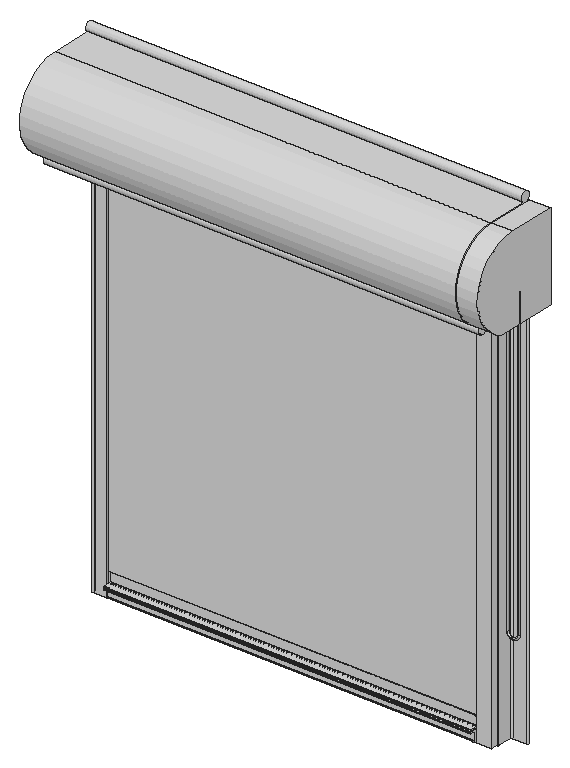
Revit family
Parameters (values of type "Hand-Chain Operated, Aluminium (Anodized Finish)")
  Spec Wizard = "http://www.clopaydoor.com/Quick-Specs-Wizard.aspx"
  Sizing Disclaimer = "30’ wide, 30’ high standard construction. Large Openings to 50’ wide, 40’ high consult factory. "  # constant formula
  Wall Construction = "Masonry, Steel or Wood"  # constant formula
  Sales Information = "http://www.clopaydoor.com/where-to-buy.aspx?type=dealer&stype=commercial"
  Product Features and Benefits = "http://www.clopaydoor.com/sliding-applications.aspx"
  Mounting = "Face of Wall"  # constant formula
  Motor = no
  Manufacturer Website = "http://www.clopaydoor.com"
  Manufacturer Address = "1400 W. Market St., Troy, OH 45373"  # constant formula
  Manfuacturer Phone Number = "1-800-526-4301"  # constant formula
  Function = (empty or 0)
  File Revision = "00 (Feb, 2011)"  # constant formula
  Curtain 2 5/8" Slat = Aluminum, anodized finish (curtain only)
  Chain = yes
  CAD and Specifications = "http://www.clopaydoor.com/sliding-specs.aspx"
  Bottom Bar = Aluminum, anodized finish (non-curtain components)
  Guides = Aluminum, anodized finish (non-curtain components)
  Hood = Aluminum, anodized finish (non-curtain components)
  URL = "http://www.clopaydoor.com"
  Subcategory = "Roll Up"  # constant formula
  Optional aluminum, color anodized finish = no
  Optional Powder Coated Finish, standard RAL colors, Galv. Steel and Aluminum only = no
  Operator Height = Height / 1.5  # 5' - 4"
  Operator = Operator : Hand-Chain
  Operation = ""
  From Coil Side Operate on Right = yes
  Model = "CESD10 "  # constant formula
  Manufacturer = "Clopay Building Products Company"  # constant formula
  From Coil Side Operate on Left = not(From Coil Side Operate on Right)  # no
  Height = 8' - 0"
  Wall Closure = (empty or 0)
  Width = 6' - 0"
  Guide Height = Height - 1' 5 45/128"  # 6' - 6 83/128"
  Windload = "A full range of specific wind load requirements available- Consult Clopay. "  # constant formula
  Coil Dimension Note = "14” to 22” -  Consult Clopay when dimensions are critical."  # constant formula
  Jamb Dimension Note = "2 3/8” to  9 3/4” wide. Consult Clopay when dimensions are critical."  # constant formula
  Drip Extension = 0' - 3"
  Description = "Built to order metal slatted rolling doors provide security against entry and/or weather protection"  # constant formula
  Assembly Code = "B2030410"
  95 CSI = "08330"  # constant formula
  04 CSI = "08 33 00"  # constant formula
Types (12): name | Motor | Curtain 2 5/8" Slat | Chain | Bottom Bar | Guides | Hood | Operator
  Hand-Chain Operated, Aluminium (Anodized Finish) | no | Aluminum, anodized finish (curtain only) | yes | Aluminum, anodized finish (non-curtain components) | Aluminum, anodized finish (non-curtain components) | Aluminum, anodized finish (non-curtain components) | Operator : Hand-Chain
  Hand-Chain Operated, Aluminium (Mill Finish) | no | Aluminum, mill finish (curtain only) | yes | Aluminum, mill finish (non-curtain components) | Aluminum, mill finish (non-curtain components) | Aluminum, mill finish (non-curtain components) | Operator : Hand-Chain
  Hand-Chain Operated, Galvanized Steel | no | Galvanized steel (curtain only) | yes | Galvanized or powder coated plain steel (non curtain components) | Galvanized or powder coated plain steel (non curtain components) | Galvanized or powder coated plain steel (non curtain components) | Operator : Hand-Chain
  Hand-Chain Operated, Stainless Steel | no | Stainless steel (curtain only) | yes | Stainless steel (non-curtain components) | Stainless steel (non-curtain components) | Stainless steel (non-curtain components) | Operator : Hand-Chain
  Motor Operated, Aluminium (Anodized Finish) | yes | Aluminum, anodized finish (curtain only) | no | Aluminum, anodized finish (non-curtain components) | Aluminum, anodized finish (non-curtain components) | Aluminum, anodized finish (non-curtain components) | Operator : Motor Operator
  Motor Operated, Aluminium (Mill Finish) | yes | Aluminum, mill finish (curtain only) | no | Aluminum, mill finish (non-curtain components) | Aluminum, mill finish (non-curtain components) | Aluminum, mill finish (non-curtain components) | Operator : Motor Operator
  Motor Operated, Galvanized Steel | yes | Galvanized steel (curtain only) | no | Galvanized or powder coated plain steel (non curtain components) | Galvanized or powder coated plain steel (non curtain components) | Galvanized or powder coated plain steel (non curtain components) | Operator : Motor Operator
  Motor Operated, Stainless Steel | yes | Stainless steel (curtain only) | no | Stainless steel (non-curtain components) | Stainless steel (non-curtain components) | Stainless steel (non-curtain components) | Operator : Motor Operator
  Push-Up Operated, Aluminium (Anodized Finish) | no | Aluminum, anodized finish (curtain only) | no | Aluminum, anodized finish (non-curtain components) | Aluminum, anodized finish (non-curtain components) | Aluminum, anodized finish (non-curtain components) | Operator : Push-UP
  Push-Up Operated, Aluminium (Mill Finish) | no | Aluminum, mill finish (curtain only) | no | Aluminum, mill finish (non-curtain components) | Aluminum, mill finish (non-curtain components) | Aluminum, mill finish (non-curtain components) | Operator : Push-UP
  Push-Up Operated, Galvanized Steel | no | Galvanized steel (curtain only) | no | Galvanized or powder coated plain steel (non curtain components) | Galvanized or powder coated plain steel (non curtain components) | Galvanized or powder coated plain steel (non curtain components) | Operator : Push-UP
  Push-Up Operated, Stainless Steel | no | Stainless steel (curtain only) | no | Stainless steel (non-curtain components) | Stainless steel (non-curtain components) | Stainless steel (non-curtain components) | Operator : Push-UP
Reference planes (in)
  plane 1 "Center (Front/Back)": y = 0
  plane 2 "Center (Left/Right)": x = 0
  plane 3 "Left": x = -36
  plane 4 "Right": x = 36
  plane 5 "Top": z = 75.64844
  plane 6 "Wall Edge": y = -4
  plane 7 "Left Edge of Hood": x = -42.75
  plane 8: x = -41.50126
  plane 9: y = -4
  plane 10 "Right Edge of Hood": x = 42.75
  plane 11: x = 41.5
  plane 12 "Top of Hood": z = 96
  plane 13: z = 78.64844
  plane 14 "Bottom Bar Alignment": y = -7.9375
  plane 15 "Bottom Bar Left": x = -39.25126
  plane 16 "Bottom Bar Right": x = 39.25126
  plane 17 "Bottom": z = 4.39975
  plane 18: y = -22
Forms (in)
  Extrusion 1, solid, material "Aluminum, anodized finish (curtain only)" <- "Curtain 2 5/8" Slat"
    sketch origin (0, 0, 0) x (1, 0, 0) y (0, 1, 0)
      loop
        line (-38.37626, -7.625) -> (-38.37626, -8.25) -> (38.375, -8.25) -> (38.375, -7.625) -> (-38.37626, -7.625)
    from 4.39975 to 78.64844
  Sweep 2, solid, material "Aluminum, anodized finish (non-curtain components)" <- "Guides"
    path origin (0, -7.9375, 0) x (1, 0, 0) y (0, 0, 1)
      loop
        line (36, 0) -> (-36, 0)
    profile "Profile_BottomBar : Profile_BottomBar" origin (0, -7.9375, 0) x (0, 0, -1) y (0, -1, 0)
      loop
        arc (-2.58725, -0.14) -> (-2.54306, -0.15831) -> (-2.52475, -0.2025) r 0.0625
        line (-2.52475, -0.2025) -> (-2.52475, -1.9525)
        arc (-2.52475, -1.9525) -> (-2.50644, -1.99669) -> (-2.46225, -2.015) r 0.0625
        line (-2.46225, -2.015) -> (-2.39975, -2.015) -> (-2.39975, -0.015) -> (-2.33875, -0.015) -> (-2.33875, -0.157)
        arc (-2.33875, -0.157) -> (-2.24825, -0.2475) -> (-2.15775, -0.157) r 0.0905
        line (-2.15775, -0.157) -> (-2.15775, -0.0625) -> (-2.09375, -0.0625) -> (-2.09375, -1.84625) -> (-1.96875, -1.84625) -> (-1.96875, -1.09625)
        arc (-1.96875, -1.09625) -> (-1.93214, -1.00786) -> (-1.84375, -0.97125) r 0.125
        line (-1.84375, -0.97125) -> (-0.25, -0.97125)
        arc (-0.25, -0.97125) -> (-0.07322, -0.89803) -> (0, -0.72125) r 0.25
        line (0, -0.72125) -> (0, 0.77875)
        arc (0, 0.77875) -> (-0.07322, 0.95553) -> (-0.25, 1.02875) r 0.25
        line (-0.25, 1.02875) -> (-1.84375, 1.02875)
        arc (-1.84375, 1.02875) -> (-1.93214, 1.06536) -> (-1.96875, 1.15375) r 0.125
        line (-1.96875, 1.15375) -> (-1.96875, 1.90375) -> (-2.09375, 1.90375) -> (-2.09375, 0.0625) -> (-2.15775, 0.0625) -> (-2.15775, 0.157)
        arc (-2.15775, 0.157) -> (-2.24825, 0.2475) -> (-2.33875, 0.157) r 0.0905
        line (-2.33875, 0.157) -> (-2.33875, 0.015) -> (-2.39975, 0.015) -> (-2.39975, 2.015) -> (-2.46225, 2.015)
        arc (-2.46225, 2.015) -> (-2.50644, 1.99669) -> (-2.52475, 1.9525) r 0.0625
        line (-2.52475, 1.9525) -> (-2.52475, 0.2025)
        arc (-2.52475, 0.2025) -> (-2.54306, 0.15831) -> (-2.58725, 0.14) r 0.0625
        line (-2.58725, 0.14) -> (-4.33725, 0.14)
        arc (-4.33725, 0.14) -> (-4.38144, 0.12169) -> (-4.39975, 0.0775) r 0.0625
        line (-4.39975, 0.0775) -> (-4.39975, -0.0775)
        arc (-4.39975, -0.0775) -> (-4.38144, -0.12169) -> (-4.33725, -0.14) r 0.0625
        line (-4.33725, -0.14) -> (-2.58725, -0.14)
Lines and regions (in)
  Opening 1
    outline origin (-90, -4, 0) x (1, 0, 0) y (0, 0, 1)
      loop
        line (54, 0) -> (126, 0) -> (126, 75.64844) -> (54, 75.64844) -> (54, 0)
Text (in)
  text "Exterior" at (-74.96733, 27.31104, 0), in view "Ref. Level"
  text "Interior" at (-74.96733, -25.14366, 0), in view "Ref. Level"
  text "Exterior" at (0, 40.15149, 123.01588), in view "Right"
  text "Interior" at (0, -64.39139, 123.01588), in view "Right"
  text "Interior" at (0, -63.63426, 123.00693), in view "Left"
  text "Exterior" at (0, 54.57065, 123.00693), in view "Left"
Dimensions and locks (in)
  equal spacing: plane 3 "Left", plane 2 "Center (Left/Right)", plane 4 "Right"
  "Width": plane 3 "Left" to plane 4 "Right"
  locked: plane 7 "Left Edge of Hood" to plane 3 "Left" at 6.75
  locked: plane 9 to plane 6 "Wall Edge"
  locked: plane 10 "Right Edge of Hood" to plane 4 "Right" at 6.75
  locked: plane 4 "Right" to plane 11 at 5.5
  locked: plane 8 to plane 3 "Left" at 5.50126
  locked: nested 1 to Extrusion 1 sketch curve at 0.625
  locked: Extrusion 1 sketch curve to nested 2 at 0.625
  locked: Extrusion 1 sketch curve to Extrusion 1 sketch curve at 0.625
  "Drip Extension": plane 13 to plane 5 "Top"
  locked: plane 12 "Top of Hood" to plane 13 at 17.35156
  locked: plane 14 "Bottom Bar Alignment" to plane 9 at 3.9375
  locked: plane 15 "Bottom Bar Left" to plane 3 "Left" at 3.25126
  locked: plane 4 "Right" to plane 16 "Bottom Bar Right" at 3.25126
  locked: level to plane 17 "Bottom" at 4.39975
  plane 4 "Right" to plane 10 "Right Edge of Hood" = 0' - 6 3/4"
  "Height": plane 12 "Top of Hood" to level
  nested 3 to nested 3 = 1' - 5"
  locked: host wall to plane 18 at 18
  aligned and locked: plane 3 "Left" to Opening 1 sketch curve
  aligned and locked: plane 5 "Top" to Opening 1 sketch curve  (x2)
  aligned and locked: Opening 1 sketch curve to plane 4 "Right"
  aligned and locked: Opening 1 sketch curve to level
  aligned and locked: plane 6 "Wall Edge" to host wall
  aligned and locked: nested 1 to plane 9
  aligned and locked: nested 1 to plane 8
  aligned and locked: plane 11 to nested 2
  aligned and locked: plane 9 to nested 2
  aligned and locked: level to Sweep 2 sketch curve
  aligned and locked: plane 4 "Right" to Sweep 2 sketch curve
  aligned and locked: plane 3 "Left" to Sweep 2 sketch curve
  aligned and locked: Extrusion 1 to Sweep 2
  aligned and locked: plane 13 to Extrusion 1
  aligned and locked: nested 3 to plane 13
  aligned and locked: level to nested 2
  aligned and locked: nested 1 to level
  aligned and locked: nested 3 to plane 2 "Center (Left/Right)"
  aligned and locked: plane 6 "Wall Edge" to nested 3
  aligned and locked: plane 18 to nested 3
Automatic sketch dimensions
  plane 14 "Bottom Bar Alignment" to Extrusion 1 sketch curve = 0' - 0 5/16"
Nested families (in)
  nested 1: "Guide-Wall" at (-41.50126, -4, 0), type "Guide"
    with Height 6' - 6 83/128"
  nested 2: "Guide-Wall" at (41.5, -4, 0) x (-1, 0, 0) z (0, 0, 1), type "Guide"
    with Height 6' - 6 83/128"
  nested 3: "Operator" at (0, -12.5, -8.8478), type <- "Operator", type "Hand-Chain"
Definition of nested family "Guide-Wall"
  Parameters (values of type "Guide")
    Height = 13' - 0"
    Guide = none
    Assembly Code = ""
  Reference planes (in)
    plane 1 "Center (Front/Back)": y = 0
    plane 2: z = 0
    plane 3 "Center (Left/Right)": x = 0
    plane 4: z = 156
    plane 5 "Center Line": x = 4.5
    plane 6: y = -0.25
    plane 7: y = -3.75
    plane 8: y = -3.5
  Forms (in)
    Extrusion 1, solid, material <- "Guide"
      sketch origin (0, 0, 0) x (1, 0, 0) y (0, 1, 0)
        loop
          line (-1, -0.25) -> (1.625, -0.25)
          arc (1.625, -0.25) -> (1.89017, -0.35983) -> (2, -0.625) r 0.375
          line (2, -0.625) -> (2, -3.25)
          arc (2, -3.25) -> (2.07322, -3.42678) -> (2.25, -3.5) r 0.25
          line (2.25, -3.5) -> (2.25, -4.75) -> (5.25, -4.75)
          arc (5.25, -4.75) -> (5.17678, -4.57322) -> (5, -4.5) r 0.25
          line (5, -4.5) -> (2.875, -4.5)
          arc (2.875, -4.5) -> (2.60983, -4.39017) -> (2.5, -4.125) r 0.375
          line (2.5, -4.125) -> (2.5, -3.062) -> (5.5, -3.062)
          arc (5.5, -3.062) -> (5.44508, -2.92942) -> (5.3125, -2.8745) r 0.1875
          line (5.3125, -2.8745) -> (3, -2.8745)
          arc (3, -2.8745) -> (2.77903, -2.78297) -> (2.6875, -2.562) r 0.3125
          line (2.6875, -2.562) -> (2.6875, -1.2495)
          arc (2.6875, -1.2495) -> (2.63258, -1.11692) -> (2.5, -1.062) r 0.1875
          line (2.5, -1.062) -> (2.5, -1.5)
          arc (2.5, -1.5) -> (2.42678, -1.32322) -> (2.25, -1.25) r 0.25
          line (2.25, -1.25) -> (2.25, 0) -> (-1.25, 0)
          arc (-1.25, 0) -> (-1.17678, -0.17678) -> (-1, -0.25) r 0.25
      from 0 to 156
  Lines and regions (in)
    symbolic lines
      curve 1: line (2.25, 0, 0) -> (2.25, -4.75, 0)
      curve 2: line (2.5, -3.5, 0) -> (2.5, -1.5, 0)
      curve 3: line (4, -3.062, 0) -> (4.75, -3.062, 0)
  Dimensions and locks (in)
    "Height": plane 4 to plane 2
    locked: plane 3 "Center (Left/Right)" to plane 5 "Center Line" at 4.5
    aligned and locked: plane 2 to level
    aligned and locked: plane 1 "Center (Front/Back)" to Extrusion 1 sketch curve
    aligned and locked: plane 6 to Extrusion 1
    aligned and locked: plane 4 to Extrusion 1
    aligned and locked: curve 1 to Extrusion 1  (x2)
    aligned and locked: plane 1 "Center (Front/Back)" to curve 1
    aligned and locked: plane 8 to curve 2
    aligned and locked: Extrusion 1 to curve 2
  Automatic sketch dimensions
    Extrusion 1 sketch curve to plane 8 = 0' - 0"
    plane 5 "Center Line" to Extrusion 1 sketch curve = 0' - 0 3/4"
    plane 7 to Extrusion 1 sketch curve = 0' - 1"
    Extrusion 1 sketch curve to Extrusion 1 sketch curve = 0' - 0 1/4"  (x4)
    Extrusion 1 sketch curve to Extrusion 1 sketch curve = 0' - 0 3/8"
    Extrusion 1 sketch curve to Extrusion 1 sketch curve = 0' - 0 5/16"
    Extrusion 1 sketch curve to Extrusion 1 sketch curve = 0' - 0 3/16"  (x2)
    Extrusion 1 sketch curve to Extrusion 1 sketch curve = 0' - 2.2505"
    plane 3 "Center (Left/Right)" to Extrusion 1 sketch curve = 0' - 1 5/8"
    Extrusion 1 sketch curve to Extrusion 1 sketch curve = 0' - 0 5/8"
    Extrusion 1 sketch curve to Extrusion 1 sketch curve = 0' - 1 3/4"
    Extrusion 1 sketch curve to plane 6 = 0' - 0"
    Extrusion 1 sketch curve to plane 6 = 0' - 0 3/8"
    Extrusion 1 sketch curve to plane 3 "Center (Left/Right)" = 0' - 1"
    curve 3 to plane 8 = 0' - 0.438"
    curve 2 to plane 6 = 0' - 1 1/4"
    Extrusion 1 sketch curve to Extrusion 1 sketch curve = 0' - 0.188"
    plane 5 "Center Line" to Extrusion 1 sketch curve = 0' - 0 13/16"
Definition of nested family "Operator"
  Parameters (values of type "Motor Operator")
    Straight = no
    Overall Width = Width + (2 * 0' 6 3/4")  # 7' - 1 1/2"
    Motor Visibility = not(Motor)  # yes
    Inner Width = Width - 2 * 0' 11"  # 4' - 2"
    Roller Chamber = Aluminum, anodized finish (non-curtain components)
    Right = yes
    Pull = no
    Width = 6' - 0"
    Operator Height = Height / 1.5  # 5' - 4"
    Motor = no
    Material = Aluminum, anodized finish (non-curtain components)
    Left = no
    Height = 8' - 0"
    Chain = no
    Bottom Bar = Aluminum, anodized finish (non-curtain components)
    Assembly Code = ""
  Types (3): name | Straight | Pull | Left | Chain
    Hand-Chain | yes | no | no | yes
    Motor Operator | no | no | no | no
    Push-UP | yes | yes | yes | no
  Reference planes (in)
    plane 1 "Center (Front/Back)": y = 0
    plane 2: z = 0
    plane 3 "Center (Left/Right)": x = 0
    plane 4: x = -25
    plane 5: x = 25
    plane 6: z = 96
    plane 7: y = 8.5
    plane 8: z = 87.49623
    plane 9: x = 42.75
    plane 10: x = -42.75
    plane 11: y = -27.30859
    plane 12: z = 104.87645
    plane 13: x = -36
    plane 14: x = 36
    plane 15: y = -9.5
  Forms (in)
    Sweep 1, solid, material "Aluminum, anodized finish (non-curtain components)" <- "Bottom Bar"
      path origin (-42.75, -180, 87.49623) x (0, -1, 0) y (1, 0, 0)
        loop
          line (-188.5, 0) -> (-188.5, 85.5)
      profile "Profile_Hood : Profile_Hood" origin (0, 8.5, 87.49623) x (0, 1, 0) y (0, 0, 1)
        loop
          line (0, 17.00521) -> (-0.66297, 17.00521)
          arc (-0.66297, 17.00521) -> (-0.90144, 18.75706) -> (-1.09786, 17) r 0.89077
          line (-1.09786, 17) -> (-9.29496, 17)
          arc (-9.29496, 17) -> (-17.9131, 9.52117) -> (-11.72268, -0.06445) r 8.70492
          arc (-11.72268, -0.06445) -> (-11.23442, -1.71462) -> (-11.38123, 0) r 0.86487
          line (-11.38123, 0) -> (0, 0) -> (0, 17.00521)
    Sweep 2, solid, material "Aluminum, anodized finish (non-curtain components)" <- "Bottom Bar", visible <- "Pull"
      path origin (-42.75, -200.5, 87.49623) x (0, -1, 0) y (1, 0, 0)
        loop
          line (-209, 0) -> (-209, 85.5)
      profile "Profile_Hood : Profile_Hood" origin (0, 8.5, 87.49623) x (0, 1, 0) y (0, 0, 1)
        loop
          line (0, 17.00521) -> (-0.66297, 17.00521)
          arc (-0.66297, 17.00521) -> (-0.90144, 18.75706) -> (-1.09786, 17) r 0.89077
          line (-1.09786, 17) -> (-9.29496, 17)
          arc (-9.29496, 17) -> (-17.9131, 9.52117) -> (-11.72268, -0.06445) r 8.70492
          arc (-11.72268, -0.06445) -> (-11.23442, -1.71462) -> (-11.38123, 0) r 0.86487
          line (-11.38123, 0) -> (0, 0) -> (0, 17.00521)
    Sweep 3, solid, material "Aluminum, anodized finish (non-curtain components)" <- "Bottom Bar", visible <- "Chain"
      path origin (-42.75, -219.5, 87.49623) x (0, -1, 0) y (1, 0, 0)
        loop
          line (-228, 0) -> (-228, 85.5)
      profile "Profile_Hood : Profile_Hood" origin (0, 8.5, 87.49623) x (0, 1, 0) y (0, 0, 1)
        loop
          line (0, 17.00521) -> (-0.66297, 17.00521)
          arc (-0.66297, 17.00521) -> (-0.90144, 18.75706) -> (-1.09786, 17) r 0.89077
          line (-1.09786, 17) -> (-9.29496, 17)
          arc (-9.29496, 17) -> (-17.9131, 9.52117) -> (-11.72268, -0.06445) r 8.70492
          arc (-11.72268, -0.06445) -> (-11.23442, -1.71462) -> (-11.38123, 0) r 0.86487
          line (-11.38123, 0) -> (0, 0) -> (0, 17.00521)
  Lines and regions (in)
    symbolic lines, style "GenericModelHiddenLines", visible <- "Left"
      curve 1: line (-21.75, -9.5, 0) -> (42.75, -9.5, 0)
    symbolic lines, style "GenericModelHiddenLines", visible <- "Right"
      curve 2: line (-42.75, -9.5, 0) -> (21.75, -9.5, 0)
    symbolic lines, style "GenericModelHiddenLines", visible <- "Straight"
      curve 3: line (-42.75, -9.5, 0) -> (42.75, -9.5, 0)
    symbolic lines, style "GenericModelHiddenLines", visible <- "Motor Visibility"
      curve 4: line (-42.75, -9.5, 0) -> (42.75, -9.5, 0)
    symbolic lines, style "GenericModelHiddenLines"
      curve 5: line (-42.75, -9.5, 0) -> (-42.75, 8.5, 0)
      curve 6: line (42.75, -9.5, 0) -> (42.75, 8.5, 0)
  Dimensions and locks (in)
    equal spacing: plane 4, plane 3 "Center (Left/Right)", plane 5
    "Inner Width": plane 4 to plane 5
    "Height": plane 6 to level
    locked: plane 7 to plane 1 "Center (Front/Back)" at 8.5
    locked: plane 6 to plane 8 at 8.50377
    locked: plane 7 to plane 11 at 35.80859
    locked: plane 12 to plane 6 at 8.87645
    equal spacing: plane 14, plane 3 "Center (Left/Right)", plane 13
    "Width": plane 14 to plane 13
    locked: plane 13 to plane 10 at 6.75
    locked: plane 14 to plane 9 at 6.75
    locked: plane 15 to plane 7 at 18
    aligned and locked: plane 1 "Center (Front/Back)" to nested 1
    aligned and locked: plane 7 to Sweep 1 sketch curve
    aligned and locked: Sweep 3 sketch curve to plane 7
    aligned and locked: Sweep 2 sketch curve to plane 7
    aligned and locked: Sweep 3 to Sweep 2 sketch curve  (x2)
    aligned and locked: plane 10 to Sweep 3 sketch curve
    aligned and locked: plane 9 to Sweep 3 sketch curve
    aligned and locked: plane 9 to Sweep 1 sketch curve
    aligned and locked: plane 10 to Sweep 1 sketch curve
    aligned and locked: plane 6 to nested 1
    aligned and locked: nested 2 to plane 6
    aligned and locked: plane 9 to Sweep 3
    aligned and locked: Sweep 3 to plane 10
    aligned and locked: plane 10 to nested 2
    aligned and locked: nested 1 to plane 9
    aligned and locked: nested 2 to curve 1
    aligned and locked: plane 15 to curve 1
    aligned and locked: plane 10 to curve 2
    aligned and locked: nested 1 to curve 2
    aligned and locked: plane 15 to curve 2
    aligned and locked: plane 7 to curve 6
    aligned and locked: plane 15 to curve 6
    aligned and locked: plane 7 to curve 5
    aligned and locked: plane 9 to curve 6
  Nested families (in)
    nested 1: "Pull-Down-Pole" at (48.625, 0, 32), visible <- "Right", type "Pull"
      with Pull no
    nested 2: "Pull-Down-Pole" at (-48.625, 0, 32) x (-1, 0, 0) z (0, 0, 1), visible <- "Left", type "Pull"
      with Pull no
  Definition of nested family "Pull-Down-Pole"
    Parameters (values of type "Pull")
      Pull = yes
      Motor = no
      Material = Galvanized or powder coated plain steel (non curtain components)
      Height = 5' - 4"
      Chain = no
      Bottom Bar = Galvanized or powder coated plain steel (non curtain components)
      Assembly Code = ""
    Reference planes (in)
      plane 1 "Center (Front/Back)": y = 0
      plane 2: z = 0
      plane 3 "Center (Left/Right)": x = 0
      plane 4: z = 64
      plane 5: y = -9.5
      plane 6: y = -20.875
    Forms (in)
      Extrusion 1, solid, material "Galvanized or powder coated plain steel (non curtain components)" <- "Material", visible <- "Motor"
        sketch origin (0, 0, 0) x (1, 0, 0) y (0, 0, 1)
          loop
            line (-26.875, 72.49609) -> (-26.875, 55.49609) -> (-5.875, 55.49609) -> (-5.875, 72.49609) -> (-26.875, 72.49609)
        from 9.5 to 20.875
      Extrusion 2, solid, material "Galvanized or powder coated plain steel (non curtain components)" <- "Bottom Bar", visible <- "Chain"
        sketch origin (-9.625, 8.5, 55.71152) x (0, 0, 1) y (0, -1, 0)
          loop
            line (16.78587, 0) -> (16.78587, 9.29496)
            arc (16.78587, 9.29496) -> (9.41654, 17.89681) -> (-0.21413, 11.93449) r 8.70492
            line (-0.21413, 11.93449) -> (-0.21413, 0) -> (16.78587, 0)
        from 3.75 to 8
      Sweep 3, solid, material "Galvanized or powder coated plain steel (non curtain components)" <- "Material", visible <- "Chain"
        path origin (0, 2, 0) x (1, 0, 0) y (0, 0, 1)
          loop
            line (-4.875, 64) -> (-4.875, 0)
            arc (-4.875, 0) -> (-3.75, -1.125) -> (-2.625, 0) r 1.125
            line (-2.625, 0) -> (-2.625, 64)
        profile origin (-4.875, 2, 32) x (0, -1, 0) y (1, 0, 0)
          loop
            circle (0, 0) r 0.15023
      Extrusion 4, solid, material "Galvanized or powder coated plain steel (non curtain components)" <- "Bottom Bar", visible <- "Pull"
        sketch origin (54.75, -180, 27.7901) x (0, 0, 1) y (0, -1, 0)
          loop
            line (27.70729, -188.5) -> (44.70729, -188.5) -> (44.70729, -179.20504)
            arc (44.70729, -179.20504) -> (37.33795, -170.60319) -> (27.70729, -176.56551) r 8.70492
            line (27.70729, -176.56551) -> (27.70729, -188.5)
        from -56.375 to -60.625
    Lines and regions (in)
      symbolic lines, style "GenericModelHiddenLines", visible <- "Motor"
        curve 1: line (-26.875, -20.875, 0) -> (-26.875, -9.5, 0)
        curve 2: line (-26.875, -20.875, 0) -> (-5.875, -20.875, 0)
        curve 3: line (-5.875, -20.875, 0) -> (-5.875, -9.5, 0)
    Dimensions and locks (in)
      "Height": plane 4 to level
      locked: plane 3 "Center (Left/Right)" to Extrusion 1 sketch curve at 5.875
      locked: Extrusion 1 sketch curve to Extrusion 1 sketch curve at 21
      locked: plane 4 to Extrusion 1 sketch curve at 8.50391
      locked: Extrusion 1 sketch curve to plane 4 at 8.49609
      plane 1 "Center (Front/Back)" to plane 5 = 0' - 9 1/2"
      locked: plane 5 to plane 6 at 11.375
      locked: Extrusion 2 to Sweep 3 sketch curve at 1
      locked: Sweep 3 sketch curve to Extrusion 1 at 1
      plane 1 "Center (Front/Back)" to Extrusion 2 sketch curve = 0' - 9.49988"
      Extrusion 4 to Extrusion 4 = 1' - 5"
      aligned and locked: plane 6 to Extrusion 1
      aligned and locked: level to Sweep 3 sketch curve
      aligned and locked: Extrusion 4 to Extrusion 2  (x2)
      aligned and locked: plane 4 to Sweep 3 sketch curve  (x2)
      aligned and locked: plane 5 to Extrusion 1
      aligned and locked: plane 5 to curve 3
      aligned and locked: plane 5 to curve 1
      aligned and locked: plane 6 to curve 1
      aligned and locked: curve 1 to Extrusion 1
      aligned and locked: curve 3 to Extrusion 1
    Automatic sketch dimensions
      Sweep 3 sketch curve to plane 1 "Center (Front/Back)" = 0' - 2"
      Sweep 3 sketch curve to profile plane = 0' - 0"
      Extrusion 4 sketch curve to plane 4 = 0' - 8.50261"
      Extrusion 4 sketch curve to plane 4 = 0' - 0.20752"
      plane 1 "Center (Front/Back)" to Extrusion 4 sketch curve = 0' - 0.79496"
      Extrusion 4 sketch curve to Extrusion 4 sketch curve = 0' - 8.70492"
      Extrusion 4 sketch curve to Extrusion 4 sketch curve = 0' - 11.93449"
      plane 1 "Center (Front/Back)" to Extrusion 2 sketch curve = 0' - 3.43449"
      Extrusion 2 sketch curve to plane 4 = 0' - 8.50261"
      Extrusion 2 sketch curve to plane 4 = 0' - 0.20752"
      plane 1 "Center (Front/Back)" to Extrusion 2 sketch curve = 0' - 0.79496"
      Extrusion 2 sketch curve to plane 1 "Center (Front/Back)" = 0' - 8 1/2"
      radius of Sweep 3 sketch curve = 0' - 0.15023"
